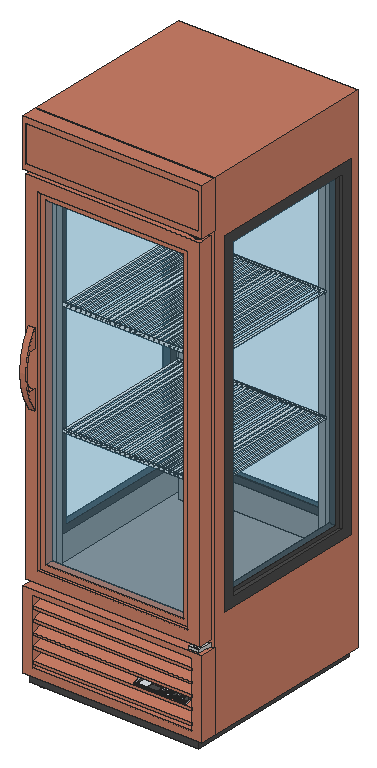
Revit family "QF_TRUE_G4SM-23FC-HC~TSL01", category Specialty Equipment, Revit 2016 (continued)
Definition of nested family "G4SM-23FC-HC-TSL01"
  Definition of nested family "QF_LOGO_TRUE"
    Forms (in)
      Extrusion 1, solid, visible <- "Show Logo"
        sketch origin (-78.34647, -17.21831, -42.9334) x (1, 0, 0) y (0, 0.943141, 0.332392)
          loop
            line (78.62961, 30.74125) -> (80.12032, 30.74125) -> (80.73891, 31.81268) -> (79.2482, 31.81268) -> (78.62961, 30.74125)
        from 34.76797 to 34.83173
      Extrusion 2, solid, visible <- "Show Logo"
        sketch origin (-142.84857, -19.90714, -43.86197) x (1, 0, 0) y (0, 0.943141, 0.332392)
          loop
            line (150.81107, 34.71978) -> (142.98607, 34.71978) -> (142.98607, 33.4921) -> (150.81107, 33.4921) -> (150.81107, 34.71978)
        from 34.75108 to 34.78125
      Extrusion 3, solid, visible <- "Show Logo"
        sketch origin (-142.84857, -19.90714, -43.86197) x (1, 0, 0) y (0, 0.943141, 0.332392)
          loop
            line (150.94857, 34.85727) -> (142.84857, 34.85727) -> (142.84857, 33.3546) -> (150.94857, 33.3546) -> (150.94857, 34.85727)
          loop
            line (142.98607, 34.71978) -> (142.98607, 33.4921) -> (150.81107, 33.4921) -> (150.81107, 34.71978) -> (142.98607, 34.71978)
        from 34.75108 to 34.81376
      Extrusion 4, solid, not visible
        sketch origin (121.45701, -16.5, 4.98235) x (1, 0, 0) y (0, 0, 1)
          loop
            line (25.20115, 35.89949) -> (25.20115, 33.96647) -> (30.95381, 33.96647) -> (30.95381, 35.89949) -> (25.20115, 35.89949)
        from 31.5 to 31.54261
      Extrusion 5, solid, not visible
        sketch origin (121.45701, -16.5, 4.98235) x (1, 0, 0) y (0, 0, 1)
          loop
            line (26.7387, 34.95472) -> (26.61492, 34.49276) -> (27.038, 34.49276)
            arc (27.038, 34.49276) -> (27.13117, 34.52484) -> (27.18485, 34.60749) r 0.15134
            arc (27.18485, 34.60749) -> (27.20396, 34.68138) -> (27.22435, 34.75493) r 4.37326
            arc (27.22435, 34.75493) -> (27.23458, 34.81765) -> (27.22435, 34.88037) r 0.1974
            arc (27.22435, 34.88037) -> (27.18247, 34.93579) -> (27.11563, 34.95472) r 0.10914
            line (27.11563, 34.95472) -> (26.7387, 34.95472)
          loop
            line (26.90201, 34.80638) -> (26.84645, 34.59903) -> (26.92855, 34.59903)
            arc (26.92855, 34.59903) -> (26.98205, 34.6185) -> (27.01051, 34.6678) r 0.08322
            line (27.01051, 34.6678) -> (27.02399, 34.74424)
            arc (27.02399, 34.74424) -> (27.01491, 34.78454) -> (26.97985, 34.80638) r 0.05353
            line (26.97985, 34.80638) -> (26.90201, 34.80638)
          loop
            line (27.45336, 34.66131) -> (27.76233, 34.66131) -> (27.78859, 34.73909)
            arc (27.78859, 34.73909) -> (27.7878, 34.82039) -> (27.73107, 34.87864) r 0.10925
            arc (27.73107, 34.87864) -> (27.68233, 34.8944) -> (27.63139, 34.89974) r 0.24595
            line (27.63139, 34.89974) -> (27.46708, 34.89974)
            arc (27.46708, 34.89974) -> (27.4068, 34.88073) -> (27.3535, 34.84677) r 0.2421
            arc (27.3535, 34.84677) -> (27.2897, 34.76363) -> (27.26702, 34.66131) r 0.2421
            line (27.26702, 34.66131) -> (27.26702, 34.54477)
            arc (27.26702, 34.54477) -> (27.31618, 34.4956) -> (27.38334, 34.47761) r 0.13431
            line (27.38334, 34.47761) -> (27.59054, 34.47761)
            arc (27.59054, 34.47761) -> (27.63459, 34.48281) -> (27.67622, 34.49812) r 0.18924
            line (27.67622, 34.49812) -> (27.73102, 34.61563)
            arc (27.73102, 34.61563) -> (27.68453, 34.59565) -> (27.63566, 34.58252) r 0.35376
            arc (27.63566, 34.58252) -> (27.55885, 34.56956) -> (27.48204, 34.58252) r 0.23415
            arc (27.48204, 34.58252) -> (27.44492, 34.61362) -> (27.45336, 34.66131) r 0.04838
          loop
            line (27.4842, 34.73042) -> (27.62012, 34.73042) -> (27.62621, 34.76496)
            arc (27.62621, 34.76496) -> (27.58961, 34.80242) -> (27.53739, 34.80638) r 0.0742
            arc (27.53739, 34.80638) -> (27.49747, 34.77773) -> (27.4842, 34.73042) r 0.0742
          loop
            line (27.91616, 34.97572) -> (27.78675, 34.49276) -> (27.98645, 34.49276) -> (28.11586, 34.97572) -> (27.91616, 34.97572)
          loop
            line (28.13678, 34.66131) -> (28.08755, 34.47761) -> (28.27134, 34.47761) -> (28.32056, 34.66131) -> (28.43674, 34.66131) -> (28.47974, 34.78864) -> (28.36519, 34.78864)
            arc (28.36519, 34.78864) -> (28.35733, 34.81649) -> (28.36921, 34.84288) r 0.04231
            arc (28.36921, 34.84288) -> (28.431, 34.8652) -> (28.49617, 34.85686) r 0.13988
            line (28.49617, 34.85686) -> (28.53544, 34.97317)
            arc (28.53544, 34.97317) -> (28.39725, 34.99096) -> (28.25905, 34.97317) r 0.54546
            arc (28.25905, 34.97317) -> (28.20849, 34.91994) -> (28.18197, 34.85147) r 0.1894
            line (28.18197, 34.85147) -> (28.17089, 34.78864) -> (28.11397, 34.78864) -> (28.07985, 34.66131) -> (28.13678, 34.66131)
          loop
            arc (28.74846, 34.89756) -> (28.65884, 34.88533) -> (28.56922, 34.89756) r 0.33455
            line (28.56922, 34.89756) -> (28.45669, 34.47761) -> (28.63593, 34.47761) -> (28.74846, 34.89756)
          loop
            arc (28.60398, 35.01195) -> (28.57699, 34.97173) -> (28.60398, 34.9315) r 0.04347
            line (28.60398, 34.9315) -> (28.75755, 34.9315)
            arc (28.75755, 34.9315) -> (28.78645, 34.96687) -> (28.77911, 35.01195) r 0.0556
            line (28.77911, 35.01195) -> (28.60398, 35.01195)
          loop
            line (28.95336, 34.66131) -> (29.26233, 34.66131) -> (29.28859, 34.73909)
            arc (29.28859, 34.73909) -> (29.2878, 34.82039) -> (29.23107, 34.87864) r 0.10925
            arc (29.23107, 34.87864) -> (29.18233, 34.8944) -> (29.13139, 34.89974) r 0.24595
            line (29.13139, 34.89974) -> (28.96708, 34.89974)
            arc (28.96708, 34.89974) -> (28.9068, 34.88073) -> (28.8535, 34.84677) r 0.2421
            arc (28.8535, 34.84677) -> (28.7897, 34.76363) -> (28.76702, 34.66131) r 0.2421
            line (28.76702, 34.66131) -> (28.76702, 34.54477)
            arc (28.76702, 34.54477) -> (28.81618, 34.4956) -> (28.88334, 34.47761) r 0.13431
            line (28.88334, 34.47761) -> (29.09054, 34.47761)
            arc (29.09054, 34.47761) -> (29.13459, 34.48281) -> (29.17622, 34.49812) r 0.18924
            line (29.17622, 34.49812) -> (29.23102, 34.61563)
            arc (29.23102, 34.61563) -> (29.18453, 34.59565) -> (29.13566, 34.58252) r 0.35376
            arc (29.13566, 34.58252) -> (29.05885, 34.56956) -> (28.98204, 34.58252) r 0.23415
            arc (28.98204, 34.58252) -> (28.94492, 34.61362) -> (28.95336, 34.66131) r 0.04838
          loop
            line (28.9842, 34.73042) -> (29.12012, 34.73042) -> (29.12621, 34.76496)
            arc (29.12621, 34.76496) -> (29.08961, 34.80242) -> (29.03739, 34.80638) r 0.0742
            arc (29.03739, 34.80638) -> (28.99747, 34.77773) -> (28.9842, 34.73042) r 0.0742
          loop
            line (29.41616, 34.97572) -> (29.28675, 34.49276) -> (29.48645, 34.49276) -> (29.61586, 34.97572) -> (29.41616, 34.97572)
          loop
            line (29.99836, 34.97572) -> (29.95192, 34.80242)
            arc (29.95192, 34.80242) -> (29.94473, 34.85705) -> (29.90102, 34.89059) r 0.07199
            arc (29.90102, 34.89059) -> (29.80023, 34.89941) -> (29.70251, 34.87322) r 0.29131
            arc (29.70251, 34.87322) -> (29.61806, 34.7652) -> (29.5896, 34.63108) r 0.30433
            line (29.5896, 34.63108) -> (29.5896, 34.55572)
            arc (29.5896, 34.55572) -> (29.61075, 34.50463) -> (29.66184, 34.48348) r 0.07224
            line (29.66184, 34.48348) -> (29.78537, 34.48348)
            arc (29.78537, 34.48348) -> (29.83854, 34.51313) -> (29.88504, 34.55243) r 0.31609
            line (29.88504, 34.55243) -> (29.86905, 34.49276) -> (30.05973, 34.49276) -> (30.18914, 34.97572) -> (29.99836, 34.97572)
          loop
            arc (29.84537, 34.75931) -> (29.79424, 34.71128) -> (29.77745, 34.64317) r 0.12371
            arc (29.77745, 34.64317) -> (29.80071, 34.59901) -> (29.85056, 34.59647) r 0.05045
            arc (29.85056, 34.59647) -> (29.90141, 34.64047) -> (29.92536, 34.7033) r 0.13769
            arc (29.92536, 34.7033) -> (29.90211, 34.75521) -> (29.84537, 34.75931) r 0.05543
          loop
            line (26.45047, 35.26762) -> (26.58211, 35.26762)
            arc (26.58211, 35.26762) -> (26.60467, 35.30821) -> (26.62126, 35.35157) r 0.3277
            arc (26.62126, 35.35157) -> (26.62714, 35.39992) -> (26.60877, 35.44503) r 0.09693
            arc (26.60877, 35.44503) -> (26.56454, 35.48868) -> (26.50462, 35.50516) r 0.12312
            arc (26.50462, 35.50516) -> (26.44158, 35.50565) -> (26.37854, 35.50546) r 5.76967
            arc (26.37854, 35.50546) -> (26.07462, 35.42923) -> (25.81045, 35.26076) r 0.97743
            line (25.81045, 35.26076) -> (25.85921, 35.26076)
            arc (25.85921, 35.26076) -> (26.08494, 35.39361) -> (26.3396, 35.45485) r 0.88817
            arc (26.3396, 35.45485) -> (26.41429, 35.44188) -> (26.47267, 35.39352) r 0.14748
            arc (26.47267, 35.39352) -> (26.48041, 35.32725) -> (26.45047, 35.26762) r 0.11636
          loop
            arc (26.35412, 35.17841) -> (26.19578, 35.0555) -> (26.00982, 34.98069) r 0.72453
            arc (26.00982, 34.98069) -> (25.9036, 34.95581) -> (25.79459, 34.9604) r 0.40201
            arc (25.79459, 34.9604) -> (25.7275, 34.98819) -> (25.69972, 35.05528) r 0.09488
            arc (25.69972, 35.05528) -> (25.71867, 35.12629) -> (25.77049, 35.17841) r 0.1425
            line (25.77049, 35.17841) -> (25.73665, 35.18748)
            arc (25.73665, 35.18748) -> (25.67632, 35.09876) -> (25.66924, 34.99171) r 0.20432
            arc (25.66924, 34.99171) -> (25.71443, 34.9227) -> (25.79473, 34.90384) r 0.11116
            arc (25.79473, 34.90384) -> (25.91172, 34.89904) -> (26.02716, 34.91862) r 0.56145
            arc (26.02716, 34.91862) -> (26.27675, 35.021) -> (26.49584, 35.17841) r 1.15683
            line (26.49584, 35.17841) -> (26.35412, 35.17841)
        from 31.54261 to 31.56272
    Dimensions and locks (in)
      aligned and locked: level to plane 2
      aligned and locked: Extrusion 2 to Extrusion 3  (x2)
      aligned and locked: Extrusion 2 sketch curve to Extrusion 3
Definition of nested family "CASTER-LEGS"
  Parameters (values of type "CASTER-LEGS")
    Weight = ""
    URL Manufacturer = ""
    URL Cutsheet = ""
    URL = ""
    Type Mark [instance] = ""
    Status [instance] = ""
    Specification by User [instance] = ""
    Specification by Manufacturer = ""
    Show Siesmic Flanged [instance] = yes
    Show 6 Inches Legs [instance] = yes
    Show 4" Casters [instance] = yes
    Show 2.5 Casters [instance] = yes
    Serial Number = ""
    Seismic Rating = ""
    SMACNA No = ""
    Revision Code [instance] = ""
    Omniclass Number and Title = ""
    NAFEM Spec ID Number = ""
    Model = ""
    MasterSpec. = ""
    Manufacturer = ""
    Low Profile [instance] = yes
    Item Number [instance] = ""
    Installed By [instance] = ""
    Identify Quantity as Lot [instance] = yes
    Furnished By [instance] = ""
    Foodservice Equipment Identifier [instance] = yes
    Description = ""
    CSI MasterFormat = ""
    CSI Master Format = ""
    Assembly Code = ""
  Reference planes (in)
    plane 1: z = 0
    plane 2 "RIGHT": x = 0
    plane 3 "FRONT": y = 0
    plane 4 "TOP": z = 6
    plane 5: z = 2.125
    plane 6: z = 2.5
    plane 7: z = 6.25
  Forms (in)
    Revolve 1, solid, visible <- "Show 6 Inches Legs"
      sketch origin (11.12172, 0, 0) x (-1, 0, 0) y (0, 0, -1)
        loop
          line (11.12172, -6) -> (11.12172, 0) -> (10.62172, 0) -> (10.62172, -1.30261) -> (10.37172, -1.30261) -> (10.37172, -6) -> (11.12172, -6)
        axis (11.12172, 0) -> (11.12172, -6)
      angle from 0 to 360
    Extrusion 2, solid, visible <- "Show Siesmic Flanged"
      sketch origin (0, 0, 0) x (1, 0, 0) y (0, 1, 0)
        loop
          circle (-0.00825, 0) r 1
      from 0 to 0.125
    Revolve 3, solid, visible <- "Show Siesmic Flanged"
      sketch origin (11.12172, 0, 0) x (-1, 0, 0) y (0, 0, -1)
        loop
          line (11.12172, -6) -> (11.12172, -0.125) -> (10.62172, -0.125) -> (10.62172, -1.30261) -> (10.37172, -1.30261) -> (10.37172, -6) -> (11.12172, -6)
        axis (11.12172, -0.125) -> (11.12172, -6)
      angle from 0 to 360
  Dimensions and locks (in)
    plane 4 "TOP" to level = 6"  (x2)
    locked: Revolve 1 sketch curve to Revolve 1 sketch curve at 1.30261
    locked: Revolve 1 sketch curve to Revolve 1 sketch curve at 0.75
    plane 6 to plane 1 = 2 1/2"
    plane 5 to plane 1 = 2 1/8"
    plane 7 to plane 1 = 6 1/4"
    locked: Revolve 3 sketch curve to Revolve 3 sketch curve at 0.75
    aligned and locked: level to plane 1
  Nested families (in)
    nested 1: "C4" at (0, 0, 0), Show 4 Inches Casters <- "Show 4" Casters", visible <- "Show 4" Casters", type "C4"
      with Type Mark "", Specification by User "", Show 4 Inches Casters yes, Revision Code "", Item Number "", Installed By "", Identify Quantity as Lot yes, Furnished By "", Foodservice Equipment Identifier yes
    nested 2: "C2.5" at (0, -0.86941, 0), 2.5 Inches Caster <- "Show 2.5 Casters", visible <- "Show 2.5 Casters", type "C2.5"
      with Type Mark "", Status "", Specification by User "", Revision Code "", Item Number "", Installed By "", Identify Quantity as Lot yes, Furnished By "", Foodservice Equipment Identifier yes, 2.5 Inches Caster yes
  Definition of nested family "C4"
    Parameters
      Weight = ""
      URL Manufacturer = ""
      URL Cutsheet = ""
      URL = ""
      Type Mark [instance] = ""
      Specification by User [instance] = ""
      Specification by Manufacturer = ""
      Show 4 Inches Casters [instance] = yes
      Serial Number = ""
      Seismic Rating = ""
      SMACNA No = ""
      Revision Code [instance] = ""
      Omniclass Number and Title = ""
      NAFEM Spec ID Number = ""
      Model = ""
      MasterSpec. = ""
      Manufacturer = ""
      Item Number [instance] = ""
      Installed By [instance] = ""
      Identify Quantity as Lot [instance] = yes
      Furnished By [instance] = ""
      Foodservice Equipment Identifier [instance] = yes
      Description = ""
      CSI MasterFormat = ""
      CSI Master Format = ""
      Assembly Code = ""
    Reference planes (in)
      plane 1: z = 0
      plane 2 "RIGHT": x = 0
      plane 3 "FRONT": y = 0
      plane 4 "TOP": z = 4
    Forms (in)
      Revolve 1, solid, visible <- "Show 4 Inches Casters"
        sketch origin (-1.93794, 0.83816, -1.0041) x (1, 0, 0) y (0, 0, 1)
          loop
            line (0.74055, 2.5041) -> (3.15007, 2.5041) -> (3.15007, 2.5796) -> (3.10007, 2.6296) -> (3.04007, 2.6296) -> (3.04007, 2.74967) -> (2.62438, 2.74967) -> (2.62438, 2.93884) -> (2.48438, 3.01967) -> (2.45908, 3.17597) -> (2.51563, 3.17597) -> (2.51563, 3.41035) -> (2.48438, 3.41035) -> (2.48438, 4.0041) -> (1.375, 4.0041) -> (1.375, 3.41035) -> (1.34375, 3.41035) -> (1.34375, 3.17597) -> (1.4003, 3.17597) -> (1.37557, 3.02318) -> (1.235, 2.94202) -> (1.235, 2.74967) -> (0.85055, 2.74967) -> (0.85055, 2.6296) -> (0.79055, 2.6296) -> (0.74055, 2.5796) -> (0.74055, 2.5041)
          axis (0.74055, 2.5041) -> (3.15007, 2.5041)
        angle from 0 to 360
      Extrusion 2, solid, visible <- "Show 4 Inches Casters"
        sketch origin (-1.93794, 1.80294, -1.7541) x (0, 1, 0) y (0, 0, 1)
          loop
            line (-3.08794, 5.33423) -> (-3.08794, 5.00584) -> (-2.69466, 5.00584)
            arc (-2.69466, 5.00584) -> (-1.57175, 4.94895) -> (-0.46376, 4.75787) r 9.36411
            arc (-0.46376, 4.75787) -> (-0.05889, 4.58436) -> (0.28335, 4.30705) r 1.60049
            line (0.28335, 4.30705) -> (0.34449, 4.39437)
            arc (0.34449, 4.39437) -> (0.12713, 4.6163) -> (-0.1239, 4.79931) r 1.8753
            line (-0.1239, 4.79931) -> (-0.05749, 4.91421)
            arc (-0.05749, 4.91421) -> (-0.33807, 5.05694) -> (-0.64294, 5.13542) r 1.44292
            line (-0.64294, 5.13542) -> (-0.64294, 5.33423) -> (-3.08794, 5.33423)
        from 1.1267 to 2.74918
      Revolve 3, solid, visible <- "Show 4 Inches Casters"
        sketch origin (0, 2.15543, -2.25) x (0, 1, 0) y (0, 0, 1)
          loop
            line (-2.21793, 6.25) -> (-2.21793, 5.83014) -> (-1.05793, 5.83014) -> (-1.05793, 6.25) -> (-2.21793, 6.25)
          axis (-2.21793, 5.83014) -> (-2.21793, 6.25)
        angle from 0 to 360
      Extrusion 4, solid, visible <- "Show 4 Inches Casters"
        sketch origin (-1.93794, 1.80294, -1.7541) x (0, 1, 0) y (0, 0, 1)
          loop
            line (-3.08794, 5.33423) -> (-3.08794, 5.00584) -> (-2.8913, 5.00584)
            arc (-2.8913, 5.00584) -> (-2.09118, 4.14057) -> (-1.45681, 3.14736) r 6.63355
            arc (-1.45681, 3.14736) -> (-0.85703, 2.75969) -> (-0.4561, 3.35069) r 0.5107
            arc (-0.4561, 3.35069) -> (-0.27092, 3.92503) -> (0.24034, 4.24562) r 0.88136
            line (0.24034, 4.24562) -> (0.34449, 4.39437)
            arc (0.34449, 4.39437) -> (0.12713, 4.6163) -> (-0.1239, 4.79931) r 1.8753
            line (-0.1239, 4.79931) -> (-0.05749, 4.91421)
            arc (-0.05749, 4.91421) -> (-0.33807, 5.05694) -> (-0.64294, 5.13542) r 1.44292
            line (-0.64294, 5.13542) -> (-0.64294, 5.33423) -> (-3.08794, 5.33423)
        from 2.74918 to 2.90825
      Extrusion 5, solid, visible <- "Show 4 Inches Casters"
        sketch origin (1.93794, 1.80294, -1.7541) x (0, 1, 0) y (0, 0, -1)
          loop
            line (-3.08794, -5.33423) -> (-0.64294, -5.33423) -> (-0.64294, -5.13542)
            arc (-0.64294, -5.13542) -> (-0.33807, -5.05694) -> (-0.05749, -4.91421) r 1.44292
            line (-0.05749, -4.91421) -> (-0.1239, -4.79931)
            arc (-0.1239, -4.79931) -> (0.12713, -4.6163) -> (0.34449, -4.39437) r 1.8753
            line (0.34449, -4.39437) -> (0.24034, -4.24562)
            arc (0.24034, -4.24562) -> (-0.27092, -3.92503) -> (-0.4561, -3.35069) r 0.88136
            arc (-0.4561, -3.35069) -> (-0.85703, -2.75969) -> (-1.45681, -3.14736) r 0.5107
            arc (-1.45681, -3.14736) -> (-2.09118, -4.14057) -> (-2.8913, -5.00584) r 6.63355
            line (-2.8913, -5.00584) -> (-3.08794, -5.00584) -> (-3.08794, -5.33423)
        from 2.74918 to 2.90825
    Cuts and joins
      joined: Extrusion 2, Extrusion 4, Extrusion 5
    Lines and regions (in)
      symbolic lines, visible <- "Show 4 Inches Casters"
        curve 1: line (0.28481, 1.83041, 0) -> (1.24556, 1.27572, 0)
        curve 2: line (-1.26206, -0.84886, 0) -> (0.28481, 1.83041, 0)
        curve 3: line (-0.30132, -1.40355, 0) -> (-1.26206, -0.84886, 0)
        curve 4: line (1.24556, 1.27572, 0) -> (-0.30132, -1.40355, 0)
    Dimensions and locks (in)
      plane 4 "TOP" to level = 4"  (x2)
      aligned and locked: level to plane 1
  Definition of nested family "C2.5"
    Parameters
      Weight = ""
      URL Manufacturer = ""
      URL Cutsheet = ""
      URL = ""
      Type Mark [instance] = ""
      Status [instance] = ""
      Specification by User [instance] = ""
      Specification by Manufacturer = ""
      Serial Number = ""
      Seismic Rating = ""
      SMACNA No = ""
      Revision Code [instance] = ""
      Omniclass Number and Title = ""
      NAFEM Spec ID Number = ""
      Model = ""
      MasterSpec. = ""
      Manufacturer = ""
      Item Number [instance] = ""
      Installed By [instance] = ""
      Identify Quantity as Lot [instance] = yes
      Furnished By [instance] = ""
      Foodservice Equipment Identifier [instance] = yes
      Description = ""
      CSI MasterFormat = ""
      CSI Master Format = ""
      Assembly Code = ""
      2.5 Inches Caster [instance] = yes
    Reference planes (in)
      plane 1: z = 0
      plane 2 "RIGHT": x = 0
      plane 3 "FRONT": y = 0
      plane 4 "TOP": z = 2.5
    Forms (in)
      Revolve 1, solid, visible <- "2.5 Inches Caster"
        sketch origin (-1.93794, 0.83816, -1.0041) x (1, 0, 0) y (0, 0, 1)
          loop
            line (0.74055, 1.92597) -> (0.74055, 1.85047) -> (0.79055, 1.80047) -> (0.85055, 1.80047) -> (0.85055, 1.6804) -> (1.235, 1.6804) -> (1.235, 1.61305) -> (1.38673, 1.52545) -> (1.4003, 1.4416) -> (1.34375, 1.4416) -> (1.34375, 1.3166) -> (1.375, 1.3166) -> (1.375, 1.0041) -> (2.48438, 1.0041) -> (2.48438, 1.3166) -> (2.51563, 1.3166) -> (2.51563, 1.4416) -> (2.45908, 1.4416) -> (2.47322, 1.52897) -> (2.62438, 1.61624) -> (2.62438, 1.6804) -> (3.04007, 1.6804) -> (3.04007, 1.80047) -> (3.10007, 1.80047) -> (3.15007, 1.85047) -> (3.15007, 1.92597) -> (0.74055, 1.92597)
          axis (0.74055, 1.92597) -> (3.15007, 1.92597)
        angle from 0 to 360
      Extrusion 2, solid, visible <- "2.5 Inches Caster"
        sketch origin (-1.93794, 1.80294, -3.2541) x (0, 1, 0) y (0, 0, 1)
          loop
            line (-0.64294, 5.43229) -> (-0.64294, 5.55298) -> (-2.21294, 5.55298) -> (-2.21294, 5.30272) -> (-1.81966, 5.30272)
            arc (-1.81966, 5.30272) -> (-1.13638, 5.20789) -> (-0.46376, 5.05475) r 8.02767
            arc (-0.46376, 5.05475) -> (-0.19511, 4.95469) -> (0.05138, 4.80832) r 1.60049
            line (0.05138, 4.80832) -> (0.12713, 4.91318)
            arc (0.12713, 4.91318) -> (-0.07255, 5.06376) -> (-0.29048, 5.18644) r 1.8753
            line (-0.29048, 5.18644) -> (-0.22239, 5.30423)
            arc (-0.22239, 5.30423) -> (-0.42776, 5.38437) -> (-0.64294, 5.43229) r 1.44292
        from 1.17357 to 2.70231
      Revolve 3, solid, visible <- "2.5 Inches Caster"
        sketch origin (0, 2.10856, -3.75) x (0, 1, 0) y (0, 0, 1)
          loop
            line (-1.73858, 6.25) -> (-1.73858, 6.04889) -> (-1.05793, 6.04889) -> (-1.05793, 6.25) -> (-1.73858, 6.25)
          axis (-1.73858, 6.04889) -> (-1.73858, 6.25)
        angle from 0 to 360
      Extrusion 4, solid, visible <- "2.5 Inches Caster"
        sketch origin (-1.98481, 1.80294, -1.7541) x (0, 1, 0) y (0, 0, 1)
          loop
            line (-2.21294, 4.05298) -> (-2.21294, 3.80272) -> (-2.13999, 3.80272)
            arc (-2.13999, 3.80272) -> (-1.62379, 3.51899) -> (-1.39241, 2.97729) r 0.90292
            arc (-1.39241, 2.97729) -> (-1.36136, 2.78161) -> (-1.29729, 2.59413) r 1.15385
            arc (-1.29729, 2.59413) -> (-0.94802, 2.37355) -> (-0.6121, 2.61396) r 0.37001
            arc (-0.6121, 2.61396) -> (-0.59625, 2.66241) -> (-0.58446, 2.712) r 0.61695
            arc (-0.58446, 2.712) -> (-0.36134, 3.11665) -> (0.05609, 3.31484) r 0.75313
            line (0.05609, 3.31484) -> (0.12713, 3.41318)
            arc (0.12713, 3.41318) -> (-0.07255, 3.56376) -> (-0.29048, 3.68644) r 1.8753
            line (-0.29048, 3.68644) -> (-0.22239, 3.80423)
            arc (-0.22239, 3.80423) -> (-0.42776, 3.88437) -> (-0.64294, 3.93229) r 1.44292
            line (-0.64294, 3.93229) -> (-0.64294, 4.05298) -> (-2.21294, 4.05298)
        from 2.74918 to 2.90825
      Extrusion 5, solid, visible <- "2.5 Inches Caster"
        sketch origin (1.98481, 1.80294, -1.7541) x (0, 1, 0) y (0, 0, -1)
          loop
            line (-2.21294, -4.05298) -> (-0.64294, -4.05298) -> (-0.64294, -3.93229)
            arc (-0.64294, -3.93229) -> (-0.42776, -3.88437) -> (-0.22239, -3.80423) r 1.44292
            line (-0.22239, -3.80423) -> (-0.29048, -3.68644)
            arc (-0.29048, -3.68644) -> (-0.07255, -3.56376) -> (0.12713, -3.41318) r 1.8753
            line (0.12713, -3.41318) -> (0.05609, -3.31484)
            arc (0.05609, -3.31484) -> (-0.36134, -3.11665) -> (-0.58446, -2.712) r 0.75313
            arc (-0.58446, -2.712) -> (-0.59625, -2.66241) -> (-0.6121, -2.61396) r 0.61695
            arc (-0.6121, -2.61396) -> (-0.94802, -2.37355) -> (-1.29729, -2.59413) r 0.37001
            arc (-1.29729, -2.59413) -> (-1.36136, -2.78161) -> (-1.39241, -2.97729) r 1.15385
            arc (-1.39241, -2.97729) -> (-1.62379, -3.51899) -> (-2.13999, -3.80272) r 0.90292
            line (-2.13999, -3.80272) -> (-2.21294, -3.80272) -> (-2.21294, -4.05298)
        from 2.74918 to 2.90825
    Lines and regions (in)
      symbolic lines, visible <- "2.5 Inches Caster"
        curve 1: line (0.10651, 1.96132, 0) -> (0.80944, 1.55548, 0)
        curve 2: line (-0.89349, 0.22927, 0) -> (0.10651, 1.96132, 0)
        curve 3: line (-0.19056, -0.17657, 0) -> (-0.89349, 0.22927, 0)
        curve 4: line (0.80944, 1.55548, 0) -> (-0.19056, -0.17657, 0)
    Dimensions and locks (in)
      plane 4 "TOP" to level = 2 1/2"  (x2)
      aligned and locked: level to plane 1
